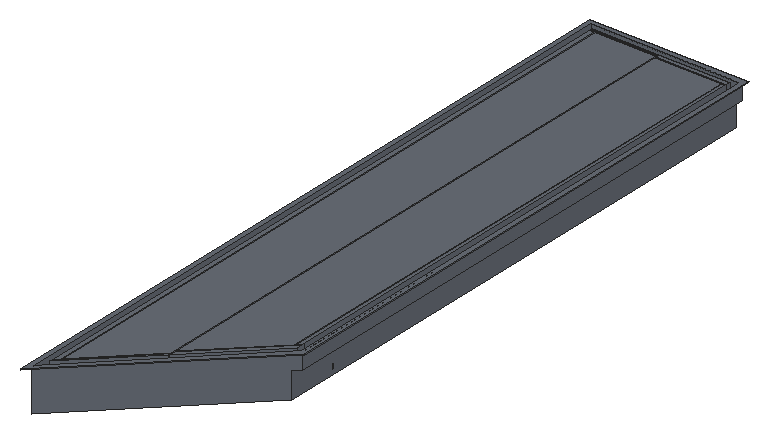
Revit family
Parameters (values of type "PL07 07 7/0")
  Width Inner Side Support = Actual Width 1 - 11 mm  # 181 mm
  Width Inner Side = Actual Width 1 - Frame Offset  # 168 mm
  Width Inner Main = Actual Width - Frame Offset + 37 mm  # 192 mm
  Width = 179 mm
  Width Side = 192 mm
  URL = "http://www.meinertz.com/pictures_org/prodk.pdf"
  Total Width = Actual Width + Actual Width 1  # 371 mm
  Total Length = Length + Total Width  # 1671 mm
  Thermal Performance = Thermal Performance Constant * Total Length / 1000 mm  # 479.577
  Tapping Radius = 9.5 mm / 2  # 4.75 mm
  Thermal Performance Index = 7
  Side Grill Length = Actual Length - (2 * Frame Offset) - 22 mm  # 1230 mm
  Assembly Code = ""
  Actual Width 1 = (Count Grill Side * 24 mm) + Frame Offset  # 192 mm
  Actual Width = (Count Grill Main - 1) * 24 mm + Frame Offset + 11 mm  # 179 mm
  Actual Length = if(Length < 4 * Frame Offset, 4 * Frame Offset, if(Length > 6000 mm, 6000 mm, Length))  # 1300 mm
  Model = "PL07 07 7/0"
  Manufacturer = "Meinertz"  # constant formula
  Main Hatch Width = Actual Width - 24 mm  # 155 mm
  Length = 1300 mm
  Keynote = "PL07 07 7/0"
  Grill = RAL 7025 F
  GoGetNo = 7019  # constant formula
  Frame Offset = 24 mm  # constant formula
  Frame = RAL 7024
  Depth = -100 mm
  Count Side Support = (Actual Length - (2 * Frame Offset) - 200 mm) / 600 mm + 1.49  # 3
  Count Grill Side = ((Width Side - Frame Offset) / 24 mm)  # 7
  Count Grill Main = (Width - Frame Offset - 11 mm) / 24 mm + 1  # 7
  Count Convec Support = (Actual Length - (2 * Frame Offset) - 300 mm) / 2500 mm + 1.49  # 2
  Convection Grill Length = Actual Length - (2 * Frame Offset) - 11 mm  # 1241 mm
  Thermal Performance Constant = if(Thermal Performance Index = 3, 145, if(Thermal Performance Index = 4, 191, if(Thermal Performance Index = 5, 231, if(Thermal Performance Index = 6, 262, if(Thermal Performance Index = 7, 287, if(Thermal Performance Index = 8, 317, if(Thermal Performance Index = 9, 339, if(Thermal Performance Index = 10, 359, if(Thermal Performance Index = 11, 382, if(Thermal Performance Index = 12, 404, if(Thermal Performance Index = 13, 424, 444)))))))))))  # 287
Types (5, lengths in mm): name | Width Inner Side Support | Width Inner Side | Width Inner Main | Width | Width Side | URL | Total Width | Total Length | Thermal Performance | Thermal Performance Index | Side Grill Length | Actual Width 1 | Actual Width | Actual Length | Model | Main Hatch Width | Length | Keynote | Count Side Support | Count Grill Side | Count Grill Main | Convection Grill Length | Thermal Performance Constant
  PL07 03 5/0 | 133 | 120 | 96 | 83 | 144 | "http://www.meinertz.com" | 227 | 827 | 119.915 | 3 | 530 | 144 | 83 | 600 | "PL07 03 5/0" | 59 | 600 | "PL07 03 5/0" | 2 | 5 | 3 | 541 | 145
  PL07 04 5/0 | 133 | 120 | 120 | 107 | 144 | "http://www.meinertz.com" | 251 | 1251 | 238.941 | 4 | 930 | 144 | 107 | 1000 | "PL07 04 5/0" | 83 | 1000 | "PL07 04 5/0" | 3 | 5 | 4 | 941 | 191
  PL07 05 5/0 | 133 | 120 | 144 | 131 | 144 | "http://www.meinertz.com" | 275 | 1275 | 294.525 | 5 | 930 | 144 | 131 | 1000 | "PL07 05 5/0" | 107 | 1000 | "PL07 05 5/0" | 3 | 5 | 5 | 941 | 231
  PL07 06 6/0 | 157 | 144 | 168 | 155 | 168 | "http://www.meinertz.com" | 323 | 1323 | 346.626 | 6 | 930 | 168 | 155 | 1000 | "PL07 06 6/0" | 131 | 1000 | "PL07 06 6/0" | 3 | 6 | 6 | 941 | 262
  PL07 07 7/0 | 181 | 168 | 192 | 179 | 192 | "http://www.meinertz.com/pictures_org/prodk.pdf" | 371 | 1671 | 479.577 | 7 | 1230 | 192 | 179 | 1300 | "PL07 07 7/0" | 155 | 1300 | "PL07 07 7/0" | 3 | 7 | 7 | 1241 | 287
Reference planes
  plane 1 "Center (Front/Back)": y = -102.69
  plane 2: z = 0
  plane 3 "Center (Left/Right)": x = 0
  plane 4: y = 547.31
  plane 5: y = -752.69
  plane 6: x = 89.5
  plane 7: x = -89.5
  plane 8: x = 281.5
  plane 9: y = 523.31
  plane 10: x = -65.5
  plane 11: x = 257.5
  plane 12: y = 512.31
  plane 13: x = 102.5
  plane 14: y = 517.81
  plane 15: y = 547.31
  plane 16: y = -723.19
  plane 17: y = -717.69
  plane 18: y = 423.31
  plane 19: y = 373.31
  plane 20: y = -728.69
  plane 21: y = -628.69
  plane 22: y = -578.69
  plane 23: z = -70
  plane 24: z = -72
  plane 25: y = 383.31
  plane 26: y = 363.31
  plane 27: y = -568.69
  plane 28: y = -588.69
  plane 29: z = -100
  plane 30: x = 102.5
  plane 31: y = 536.31
  plane 32: y = -741.69
  plane 33: z = -100
  plane 34: z = -98
  plane 35: x = 246.5
  plane 36: x = -54.5
  plane 37: x = 137.5
  plane 38: y = 431.31
  plane 39: y = 415.31
  plane 40: y = -620.69
  plane 41: y = -636.69
  plane 42: z = -20
  plane 43: z = -36
  plane 44: x = -54.5
  plane 45: x = 246.5
  plane 46: x = -78.5
  plane 47: y = -1123.69
  plane 48: y = -776.69
  plane 49: y = -1057.97
  plane 50: y = -902.97
  plane 51: y = -895.192
  plane 52: y = -1065.749
  plane 53: y = 106.851
  plane 54: y = -53.149
  plane 55: z = -55
  plane 56: y = 273.31
  plane 57: y = 173.31
  plane 58: y = -815.749
  plane 59: y = -715.749
  plane 60: y = -910.749
  plane 61: y = -660.749
  plane 62: y = -560.749
  plane 63: y = 273.31
  plane 64: y = 173.31
  plane 65: x = -35.5
  plane 66: x = 59.5
Forms (mm)
  Extrusion 1, void
    sketch origin (0, 0, 0) x (1, 0, 0) y (0, 1, 0)
      loop
        line (-89.5, 547.31) -> (-89.5, -1123.69) -> (281.5, -752.69) -> (281.5, 547.31) -> (-89.5, 547.31)
    from 0 to -100 <- "Depth"
  Extrusion 2, solid, material "RAL 7024" <- "Frame"
    sketch origin (0, -102.69, 0) x (1, 0, 0) y (0, 0, 1)
      loop
        line (281.5, 0) -> (270.5, 0) -> (270.5, -36) -> (256.5, -36) -> (256.5, -100) -> (258.5, -100) -> (258.5, -38) -> (272.5, -38) -> (272.5, -2) -> (281.5, -2) -> (281.5, 0)
    from -639 to 674
  Extrusion 3, solid, material "RAL 7024" <- "Frame"
    sketch origin (0, 0, 0) x (0, 1, 0) y (0, 0, 1)
      loop
        line (523.31, 0) -> (517.81, 0) -> (517.81, -20) -> (512.31, -20) -> (512.31, -70) -> (523.31, -70) -> (523.31, 0)
    from -65.5 to 89.5
  Sweep 4, solid, material "RAL 7024" <- "Frame"
    path origin (0, 0, 0) x (1, 0, 0) y (0, 1, 0)
      loop
        line (281.5, 547.31) -> (-89.5, 547.31) -> (-89.5, -1123.69) -> (281.5, -752.69)
    profile origin (96, 547.31, 0) x (0, -1, 0) y (0, 0, 1)
      loop
        line (0, 0) -> (0, -2) -> (9, -2) -> (9, -100) -> (11, -100) -> (11, 0) -> (0, 0)
  Extrusion 5, void
    sketch origin (281.5, 536.31, 0) x (1, 0, 0) y (0, 0, -1)
      loop
        line (-9, 2) -> (0, 2) -> (0, 100) -> (-23, 100) -> (-23, 38) -> (-9, 38) -> (-9, 2)
    from -1289 to 11
  Extrusion 6, solid, material "RAL 7024" <- "Frame"
    sketch origin (0, 0, 0) x (1, 0, 0) y (0, 1, 0)
      loop
        line (-78.5, 536.31) -> (-78.5, -1097.133) -> (256.5, -762.133) -> (256.5, 536.31) -> (-78.5, 536.31)
    from -100 to -98
  Extrusion 7, solid, material "RAL 7024" <- "Frame"
    sketch origin (0, 0, 0) x (1, 0, 0) y (0, 1, 0)
      loop
        line (246.5, 512.31) -> (246.5, -738.192) -> (257.5, -727.192) -> (257.5, 512.31) -> (246.5, 512.31)
    from 0 to -20
  Extrusion 8, solid, material "RAL 7024" <- "Frame"
    sketch origin (0, 0, 0) x (1, 0, 0) y (0, 1, 0)
      loop
        line (-65.5, 517.81) -> (-65.5, -1057.97) -> (-54.5, -1046.97) -> (-54.5, 517.81) -> (-65.5, 517.81)
    from 0 to -70
  Extrusion 9, solid, material "RAL 7025 F" <- "Grill"
    sketch origin (0, 0, 0) x (1, 0, 0) y (0, 1, 0)
      loop
        line (-54.5, 517.81) -> (-54.5, -1046.97) -> (89.5, -902.97) -> (89.5, 517.81) -> (-54.5, 517.81)
    from 0 to -70
  Extrusion 10, solid, material "RAL 7025 F" <- "Grill"
    sketch origin (0, 0, 0) x (1, 0, 0) y (0, 1, 0)
      loop
        line (89.5, 512.31) -> (89.5, -895.192) -> (246.5, -738.192) -> (246.5, 512.31) -> (89.5, 512.31)
    from 0 to -20
  Extrusion 11, solid, material "RAL 7024" <- "Frame"
    sketch origin (0, 0, 0) x (1, 0, 0) y (0, 1, 0)
      loop
        line (89.5, 523.31) -> (89.5, 512.31) -> (257.5, 512.31) -> (257.5, 523.31) -> (89.5, 523.31)
    from 0 to -20
  Extrusion 12, void
    sketch origin (0, 0, 0) x (1, 0, 0) y (0, 1, 0)
      loop
        line (281.5, -752.69) -> (257.5, -776.69) -> (281.5, -776.69) -> (281.5, -752.69)
    from 0 to -100
  Extrusion 13, solid, material "RAL 7024" <- "Frame"
    sketch origin (0, 0, 0) x (1, 0, 0) y (0, 1, 0)
      loop
        line (-65.5, -1057.97) -> (-65.5, -1065.749) -> (89.5, -910.749) -> (89.5, -902.97) -> (-65.5, -1057.97)
    from 0 to -70
  Extrusion 14, solid, material "RAL 7024" <- "Frame"
    sketch origin (0, 0, 0) x (1, 0, 0) y (0, 1, 0)
      loop
        line (89.5, -895.192) -> (89.5, -910.749) -> (257.5, -742.749) -> (257.5, -727.192) -> (89.5, -895.192)
    from 0 to -20
  Sweep 15, void
    path in 3D
      loop
        line (281.5, 547.31, 0) -> (281.5, -752.69, 0) -> (-89.5, -1123.69, 0)
    profile origin (96, -938.19, 0) x (0.707107, -0.707107, 0) y (0, 0, 1)
      loop
        line (0, -2) -> (-9, -2) -> (-9, -100) -> (0, -100) -> (0, -2)
  Extrusion 16, void
    sketch origin (0, 0, 0) x (1, 0, 0) y (0, 1, 0)
      loop
        line (281.5, -717.69) -> (258.5, -717.69) -> (258.5, -776.69) -> (281.5, -776.69) -> (281.5, -717.69)
    from -100 to -38
  Extrusion 17, solid, material "Tap"
    sketch origin (-65.5, -1057.97, 0) x (0, 1, 0) y (0, 0, -1)
      loop
        circle (1331.281, 55) r 4.8
      loop
        circle (1231.281, 55) r 4.8
      loop
        circle (342.222, 55) r 4.8
      loop
        circle (242.222, 55) r 4.8
    from 0 to 5
  Extrusion 18, solid, material "Tap"
    sketch origin (89.5, 517.81, 0) x (0, -1, 0) y (0, 0, -1)
      loop
        circle (1078.559, 55) r 4.8
      loop
        circle (1178.559, 55) r 4.8
      loop
        circle (344.5, 55) r 4.8
      loop
        circle (244.5, 55) r 4.8
    from 0 to 5
  Extrusion 19, solid, material "Tap"
    sketch origin (0, 523.31, -70) x (0, 0, 1) y (1, 0, 0)
      loop
        circle (15, -35.5) r 4.8
    from 0 to 5
  Extrusion 20, solid, material "Tap"
    sketch origin (0, 523.31, -70) x (0, 0, 1) y (1, 0, 0)
      loop
        circle (15, 59.5) r 4.8
    from 0 to 5
  Extrusion 21, solid, material "Tap"
    sketch origin (-65.5, -1065.749, 0) x (0.707107, 0.707107, 0) y (0, 0, 1)
      loop
        circle (42.193, -55) r 4.8
    from 0 to 5
  Extrusion 22, solid, material "Tap"
    sketch origin (-65.5, -1065.749, 0) x (0.707107, 0.707107, 0) y (0, 0, 1)
      loop
        circle (176.727, -55) r 4.8
    from 0 to 5
Cuts and joins
  Extrusion 5, Extrusion 12, Sweep 15, Extrusion 16 cuts Extrusion 2
  Extrusion 5, Extrusion 12, Sweep 15, Extrusion 16 cuts Sweep 4
  Extrusion 12, Sweep 15, Extrusion 16 cuts Extrusion 6
  joined: Extrusion 2, Sweep 4, Extrusion 6
  Extrusion 12, Sweep 15, Extrusion 16 cuts Extrusion 7
  Sweep 15 cuts Extrusion 3
  Sweep 15 cuts Extrusion 8
  Sweep 15 cuts Extrusion 9
  Sweep 15 cuts Extrusion 10
  Sweep 15 cuts Extrusion 11
  Sweep 15 cuts Extrusion 13
  Sweep 15, Extrusion 16 cuts Extrusion 14
Lines and regions (mm)
  Masking region 1
    outline origin (0, 0, 0) x (1, 0, 0) y (0, 1, 0)
      loop
        line (-65.5, 517.81) -> (-65.5, -1057.97) -> (89.5, -902.97) -> (89.5, 517.81) -> (-65.5, 517.81)
  Masking region 2
    outline origin (0, 0, 0) x (1, 0, 0) y (0, 1, 0)
      loop
        line (89.5, 512.31) -> (89.5, -895.192) -> (257.5, -727.192) -> (257.5, 512.31) -> (89.5, 512.31)
  reference lines
    curve 1: line (281.5, -752.69, 0) -> (-89.5, -1123.69, 0)
    curve 2: line (264.529, -735.719, 0) -> (-106.471, -1106.719, 0)
    curve 3: line (260.64, -731.83, 0) -> (-110.36, -1102.83, 0)
    curve 4: line (256.751, -727.941, 0) -> (-114.249, -1098.941, 0)
  sketch lines
    curve 5: line (281.5, -752.69, 0) -> (-89.5, -1123.69, 0)
    curve 6: line (281.5, 547.31, 0) -> (281.5, -752.69, 0)
Dimensions and locks
  "Actual Width": plane 7 to plane 6
  "Length": plane 4 to plane 5
  equal spacing: plane 4, plane 1 "Center (Front/Back)", plane 5
  equal spacing: plane 7, plane 3 "Center (Left/Right)", plane 6
  "Actual Width 1": plane 6 to plane 8
  locked: plane 6 to plane 13 at 13
  "Frame Offset": plane 7 to plane 10
  "Frame Offset": plane 11 to plane 8
  locked: plane 9 to plane 14 at 5.5
  "Frame Offset": plane 15 to plane 9
  locked: plane 14 to plane 12 at 5.5
  locked: plane 9 to plane 18 at 100
  locked: plane 18 to plane 19 at 50
  "Frame Offset": plane 20 to plane 5
  plane 22 to plane 21 to plane 20 = 50 mm locked, 100 mm locked
  plane 2 to plane 23 to plane 24 = 70 mm locked, 2 mm locked
  plane 25 to plane 19 to plane 26 = 10 mm locked, 10 mm locked
  plane 27 to plane 22 to plane 28 = 10 mm locked, 10 mm locked
  locked: plane 17 to plane 20 at 11
  locked: plane 16 to plane 20 at 5.5
  level to plane 29 = 100 mm
  profile plane to Sweep 4 sketch curve to Sweep 4 sketch curve = 9 mm locked, 2 mm locked
  plane 8 to Extrusion 5 sketch curve to Extrusion 5 sketch curve = 9 mm locked, 14 mm locked
  plane 2 to Extrusion 5 sketch curve to Extrusion 5 sketch curve = 2 mm locked, 98 mm locked
  Extrusion 2 sketch curve to Extrusion 2 sketch curve to Extrusion 2 sketch curve to Extrusion 2 sketch curve to Extrusion 2 sketch curve = 2 mm locked, 34 mm locked, 2 mm locked, 62 mm locked
  Extrusion 2 sketch curve to Extrusion 2 sketch curve to Extrusion 2 sketch curve to Extrusion 2 sketch curve to Extrusion 2 sketch curve = 2 mm locked, 12 mm locked, 2 mm locked, 9 mm locked
  locked: plane 6 to plane 30 at 13
  locked: plane 4 to plane 31 at 11
  locked: plane 32 to plane 5 at 11
  locked: plane 2 to plane 33 at 100
  locked: plane 34 to plane 33 at 2
  locked: plane 10 to plane 36 at 11
  locked: plane 35 to plane 11 at 11
  locked: plane 6 to plane 37 at 48
  plane 40 to plane 21 to plane 41 = 8 mm locked, 8 mm locked
  plane 38 to plane 18 to plane 39 = 8 mm locked, 8 mm locked
  locked: plane 2 to plane 42 at 20
  locked: plane 43 to plane 42 at 16
  locked: plane 10 to plane 44 at 11
  locked: plane 45 to plane 11 at 11
  equal spacing: group 1, group 5, group 2  (x2)
  equal spacing: group 2, group 5, group 1
  group 4 to group 3 = 0 mm
  group 4 to group 3 = 1091 mm
  group 3 to group 4 = 0 mm
  locked: plane 7 to plane 46 at 11
  "Total Width": plane 5 to plane 47
  curve 4 to curve 3 to curve 2 to curve 1 = 5.5 mm locked, 5.5 mm locked, 24 mm locked
  locked: plane 5 to plane 48 at 24
  locked: plane 49 to plane 47 at 65.719
  locked: plane 51 to plane 50 at 7.778
  "Main Hatch Width": plane 50 to plane 49
  locked: plane 49 to plane 52 at 7.778
  locked: plane 33 to plane 55 at 45
  plane 9 to plane 56 to plane 57 = 250 mm locked, 100 mm locked
  plane 59 to plane 58 to plane 52 = 100 mm locked, 250 mm locked
  locked: plane 60 to plane 50 at 7.778
  plane 60 to plane 61 to plane 62 = 250 mm locked, 100 mm locked
  plane 64 to plane 63 to plane 9 = 100 mm locked, 250 mm locked
  locked: plane 6 to plane 66 at 30
  locked: plane 65 to plane 10 at 30
  locked: plane 65 to Extrusion 21 sketch curve at 0.165
  locked: plane 66 to Extrusion 22 sketch curve at 0.035
  aligned and locked: plane 15 to plane 4
  aligned and locked: Extrusion 3 to plane 10
  aligned and locked: plane 23 to Extrusion 3 sketch curve
  aligned and locked: plane 8 to Extrusion 5 sketch curve
  aligned and locked: plane 2 to Extrusion 2 sketch curve
  aligned and locked: Extrusion 2 sketch curve to plane 8
  aligned and locked: plane 6 to Extrusion 3
  aligned and locked: plane 4 to Sweep 4 sketch curve
  aligned and locked: plane 8 to Sweep 4 sketch curve  (x2)
  aligned and locked: plane 4 to Extrusion 5
  aligned and locked: Extrusion 5 to plane 5
  aligned and locked: plane 31 to cut or joined group of Extrusion 2, Sweep 4, Extrusion 5, Extrusion 6, Extrusion 12, Sweep 15, Extrusion 16
  aligned and locked: cut or joined group of Extrusion 2, Sweep 4, Extrusion 5, Extrusion 6, Extrusion 12, Sweep 15, Extrusion 16 to Extrusion 6 sketch curve
  aligned and locked: Extrusion 6 sketch curve to cut or joined group of Extrusion 2, Sweep 4, Extrusion 5, Extrusion 6, Extrusion 12, Sweep 15, Extrusion 16  (x3)
  aligned and locked: cut or joined group of Extrusion 2, Sweep 4, Extrusion 5, Extrusion 6, Extrusion 12, Sweep 15, Extrusion 16 to Extrusion 6
  aligned and locked: Extrusion 6 to plane 34
  aligned and locked: plane 35 to Extrusion 7 sketch curve
  aligned and locked: Extrusion 7 sketch curve to plane 12
  aligned and locked: Extrusion 8 sketch curve to Extrusion 3  (x2)
  aligned and locked: Extrusion 8 sketch curve to plane 36
  aligned and locked: Extrusion 8 to Extrusion 9 sketch curve
  aligned and locked: Extrusion 9 sketch curve to Extrusion 8
  aligned and locked: Extrusion 9 sketch curve to Extrusion 3
  aligned and locked: Extrusion 10 sketch curve to Extrusion 7
  aligned and locked: Extrusion 3 to Extrusion 11 sketch curve  (x2)
  aligned and locked: Extrusion 11 sketch curve to Extrusion 7  (x2)
  aligned and locked: plane 19 to nested 2
  aligned and locked: plane 43 to nested 1
  aligned and locked: plane 24 to nested 2
  aligned and locked: plane 21 to nested 3
  aligned and locked: plane 18 to nested 1
  aligned and locked: Sweep 4 sketch curve to curve 1
  aligned and locked: Extrusion 1 sketch curve to curve 1
  aligned and locked: curve 4 to Extrusion 10 sketch curve
  aligned and locked: curve 3 to Extrusion 9 sketch curve
  aligned and locked: Extrusion 2 to plane 48
  aligned and locked: Extrusion 12 sketch curve to plane 48
  aligned and locked: plane 8 to Extrusion 12 sketch curve
  aligned and locked: Extrusion 13 sketch curve to curve 2
  aligned and locked: curve 3 to Extrusion 13 sketch curve
  aligned and locked: plane 6 to Extrusion 13 sketch curve
  aligned and locked: plane 6 to Extrusion 14 sketch curve
  aligned and locked: Extrusion 14 sketch curve to curve 4
  aligned and locked: Extrusion 14 sketch curve to curve 2
  aligned and locked: curve 3 to Extrusion 8 sketch curve
  aligned and locked: Extrusion 7 sketch curve to curve 4
  aligned and locked: Extrusion 14 sketch curve to plane 11
  aligned and locked: Extrusion 13 sketch curve to plane 10
  aligned and locked: plane 10 to nested 5
  aligned and locked: plane 51 to nested 6
  aligned and locked: plane 6 to nested 6
  aligned and locked: plane 12 to nested 6
  aligned and locked: Masking region 1 sketch curve to plane 14
  aligned and locked: plane 10 to Masking region 1 sketch curve
  aligned and locked: Masking region 2 sketch curve to plane 11
  aligned and locked: Masking region 2 sketch curve to plane 12
  aligned and locked: plane 6 to Masking region 2 sketch curve
  aligned and locked: curve 3 to Masking region 1 sketch curve
  aligned and locked: Masking region 2 sketch curve to curve 4
  aligned and locked: Extrusion 11 to plane 12
  aligned and locked: plane 11 to nested 6
  aligned and locked: plane 14 to nested 5
  aligned and locked: plane 49 to nested 5
  aligned and locked: plane 17 to nested 4
  aligned and locked: nested 1 to plane 6
  aligned and locked: nested 3 to plane 6
  aligned and locked: nested 2 to plane 10
  aligned and locked: nested 4 to plane 10
  aligned and locked: Sweep 15 sketch curve to cut or joined group of Extrusion 2, Sweep 4, Extrusion 5, Extrusion 6, Extrusion 12, Sweep 15, Extrusion 16  (x2)
  aligned and locked: cut or joined group of Extrusion 2, Sweep 4, Extrusion 5, Extrusion 6, Extrusion 12, Sweep 15, Extrusion 16 to Sweep 15 sketch curve
  aligned and locked: plane 8 to Extrusion 16 sketch curve
  aligned and locked: plane 17 to Extrusion 16 sketch curve
  aligned and locked: Extrusion 16 to Extrusion 2
  aligned and locked: Extrusion 16 sketch curve to cut or joined group of Extrusion 2, Sweep 4, Extrusion 5, Extrusion 6, Extrusion 12, Sweep 15, Extrusion 16
Automatic sketch dimensions
  Extrusion 1 sketch curve to plane 7 = 0 mm
  Extrusion 1 sketch curve to plane 8 = 0 mm
  Extrusion 1 sketch curve to plane 4 = 0 mm
  Extrusion 3 sketch curve to level = 0 mm
  Extrusion 3 sketch curve to level = 20 mm
  Sweep 4 sketch curve to profile plane = 0 mm
  Sweep 4 sketch curve to level = 0 mm
  Sweep 4 sketch curve to level = 2 mm
  Sweep 4 sketch curve to Sweep 4 sketch curve = 98 mm
  Extrusion 5 sketch curve to Extrusion 5 sketch curve = 36 mm
  Sweep 4 sketch curve to plane 7 = 0 mm
  Extrusion 3 sketch curve to plane 14 = 0 mm
  Extrusion 3 sketch curve to plane 12 = 0 mm
  Extrusion 3 sketch curve to plane 9 = 0 mm
  Extrusion 7 sketch curve to plane 11 = 0 mm
  Extrusion 10 sketch curve to plane 6 = 0 mm
  Extrusion 10 sketch curve to plane 12 = 0 mm
  curve 1 to plane 7 = 0 mm
  curve 1 to plane 5 = 0 mm
  curve 1 to plane 8 = 0 mm
  curve 1 to plane 47 = 0 mm
  curve 2 to plane 7 = 16.971 mm
  curve 2 to plane 47 = 16.971 mm
  plane 32 to curve 2 = 5.971 mm
  plane 11 to curve 3 = 3.14 mm
  curve 2 to curve 3 = 3.889 mm
  curve 4 to curve 3 = 3.889 mm
  plane 20 to curve 4 = 0.749 mm
  Extrusion 6 sketch curve to plane 47 = 26.556 mm
  Extrusion 12 sketch curve to plane 11 = 0 mm
  Extrusion 12 sketch curve to plane 5 = 0 mm
  plane 5 to Extrusion 14 sketch curve = 9.941 mm
  Masking region 2 sketch curve to plane 51 = 0 mm
  Masking region 1 sketch curve to plane 6 = 0 mm
  Sweep 15 sketch curve to profile plane = 0 mm
  Extrusion 16 sketch curve to plane 48 = 0 mm
  Extrusion 8 to Extrusion 17 sketch curve = 15 mm  (x4)
  Extrusion 17 sketch curve to Extrusion 8 = 242.222 mm
  Extrusion 17 sketch curve to Extrusion 17 sketch curve = 100 mm  (x2)
  Extrusion 8 to Extrusion 17 sketch curve = 344.5 mm
  Extrusion 9 to Extrusion 18 sketch curve = 15 mm  (x4)
  Extrusion 9 to Extrusion 18 sketch curve = 244.5 mm
  Extrusion 18 sketch curve to Extrusion 18 sketch curve = 100 mm  (x2)
  Extrusion 9 to Extrusion 18 sketch curve = 342.222 mm
  Extrusion 3 to Extrusion 19 sketch curve = 15 mm
  Extrusion 3 to Extrusion 19 sketch curve = 30 mm
  Extrusion 3 to Extrusion 20 sketch curve = 15 mm
  Extrusion 3 to Extrusion 20 sketch curve = 30 mm
  Extrusion 13 to Extrusion 21 sketch curve = 15 mm
  Extrusion 21 sketch curve to Extrusion 13 = 42.193 mm
  Extrusion 13 to Extrusion 22 sketch curve = 15 mm
  Extrusion 22 sketch curve to Extrusion 13 = 42.476 mm
  radius of Extrusion 17 sketch curve = 4.8 mm  (x4)
  radius of Extrusion 18 sketch curve = 4.8 mm  (x4)
  radius of Extrusion 19 sketch curve = 4.8 mm
  radius of Extrusion 20 sketch curve = 4.8 mm
  radius of Extrusion 21 sketch curve = 4.8 mm
  radius of Extrusion 22 sketch curve = 4.8 mm
Nested families
  nested 1: "Support" at (159.579, 429.78, -36) x (0, 1, 0) z (0, 0, 1), type "Side Support"
  nested 2: "Support" at (16.579, 379.78, -72) x (0, 1, 0) z (0, 0, 1), type "Convec Support"
  nested 3: "Support" at (159.579, -622.22, -36) x (0, 1, 0) z (0, 0, 1), type "Side Support"
  nested 4: "Support" at (16.579, -711.22, -72) x (0, 1, 0) z (0, 0, 1), type "Convec Support"
  nested 5: "Grill 45" at (-135.201, -902.97, 0), type "Main"
    with Start 11 mm, Second 13 mm, Length 1575.781 mm, Big no, Width 155 mm
  nested 6: "Grill 45" at (26.299, -727.192, 0), type "Side"
    with Start 13 mm, Second 11 mm, Length 1407.503 mm, Big yes, Width 168 mm
  nested 7: "Support" at (159.579, -96.22, -36) x (0, 1, 0) z (0, 0, 1), type "Side Support"
Connectors
  piping at (-32.129, -1039.449, -55), driven by "Tapping Radius"
    settings: on Extrusion 21, index 1, connector radius 4.75 mm, flow factor 0, pipe flow 0.0 L/s, pressure drop 0.0 Pa, fitting loss kfactor 0, connector angle 0.00°, fixture units 0, flow configuration 1, flow direction 1, fitting loss method 0, system type 22, connector reference index -1, connector utility 0, adjustable connector no, is connector primary yes, fitting loss table "", connector description "F"
  piping at (63, -944.319, -55), driven by "Tapping Radius"
    settings: on Extrusion 22, index 2, connector radius 4.75 mm, flow factor 0, pipe flow 0.0 L/s, pressure drop 0.0 Pa, fitting loss kfactor 0, connector angle 0.00°, fixture units 0, flow configuration 1, flow direction 2, fitting loss method 0, system type 22, connector reference index -1, connector utility 0, adjustable connector no, is connector primary no, fitting loss table "", connector description "F"
  piping at (-70.5, -815.749, -55), driven by "Tapping Radius"
    settings: on Extrusion 17, index 3, connector radius 4.75 mm, flow factor 0, pipe flow 0.0 L/s, pressure drop 0.0 Pa, fitting loss kfactor 0, connector angle 0.00°, fixture units 0, flow configuration 1, flow direction 2, fitting loss method 0, system type 22, connector reference index -1, connector utility 0, adjustable connector no, is connector primary no, fitting loss table "", connector description "D"
  piping at (-70.5, -715.749, -55), driven by "Tapping Radius"
    settings: on Extrusion 17, index 4, connector radius 4.75 mm, flow factor 0, pipe flow 0.0 L/s, pressure drop 0.0 Pa, fitting loss kfactor 0, connector angle 0.00°, fixture units 0, flow configuration 1, flow direction 1, fitting loss method 0, system type 22, connector reference index -1, connector utility 0, adjustable connector no, is connector primary no, fitting loss table "", connector description "D"
  piping at (-70.5, 173.31, -55), driven by "Tapping Radius"
    settings: on Extrusion 17, index 5, connector radius 4.75 mm, flow factor 0, pipe flow 0.0 L/s, pressure drop 0.0 Pa, fitting loss kfactor 0, connector angle 0.00°, fixture units 0, flow configuration 1, flow direction 2, fitting loss method 0, system type 22, connector reference index -1, connector utility 0, adjustable connector no, is connector primary no, fitting loss table "", connector description "A"
  piping at (-70.5, 273.31, -55), driven by "Tapping Radius"
    settings: on Extrusion 17, index 6, connector radius 4.75 mm, flow factor 0, pipe flow 0.0 L/s, pressure drop 0.0 Pa, fitting loss kfactor 0, connector angle 0.00°, fixture units 0, flow configuration 1, flow direction 1, fitting loss method 0, system type 22, connector reference index -1, connector utility 0, adjustable connector no, is connector primary no, fitting loss table "", connector description "A"
  piping at (-35.5, 528.31, -55), driven by "Tapping Radius"
    settings: on Extrusion 19, index 7, connector radius 4.75 mm, flow factor 0, pipe flow 0.0 L/s, pressure drop 0.0 Pa, fitting loss kfactor 0, connector angle 0.00°, fixture units 0, flow configuration 1, flow direction 2, fitting loss method 0, system type 22, connector reference index -1, connector utility 0, adjustable connector no, is connector primary no, fitting loss table "", connector description "E"
  piping at (59.5, 528.31, -55), driven by "Tapping Radius"
    settings: on Extrusion 20, index 8, connector radius 4.75 mm, flow factor 0, pipe flow 0.0 L/s, pressure drop 0.0 Pa, fitting loss kfactor 0, connector angle 0.00°, fixture units 0, flow configuration 1, flow direction 1, fitting loss method 0, system type 22, connector reference index -1, connector utility 0, adjustable connector no, is connector primary no, fitting loss table "", connector description "E"
  piping at (94.5, 273.31, -55), driven by "Tapping Radius"
    settings: on Extrusion 18, index 9, connector radius 4.75 mm, flow factor 0, pipe flow 0.0 L/s, pressure drop 0.0 Pa, fitting loss kfactor 0, connector angle 0.00°, fixture units 0, flow configuration 1, flow direction 2, fitting loss method 0, system type 22, connector reference index -1, connector utility 0, adjustable connector no, is connector primary no, fitting loss table "", connector description "B"
  piping at (94.5, 173.31, -55), driven by "Tapping Radius"
    settings: on Extrusion 18, index 10, connector radius 4.75 mm, flow factor 0, pipe flow 0.0 L/s, pressure drop 0.0 Pa, fitting loss kfactor 0, connector angle 0.00°, fixture units 0, flow configuration 1, flow direction 1, fitting loss method 0, system type 22, connector reference index -1, connector utility 0, adjustable connector no, is connector primary no, fitting loss table "", connector description "B"
  piping at (94.5, -560.749, -55), driven by "Tapping Radius"
    settings: on Extrusion 18, index 11, connector radius 4.75 mm, flow factor 0, pipe flow 0.0 L/s, pressure drop 0.0 Pa, fitting loss kfactor 0, connector angle 0.00°, fixture units 0, flow configuration 1, flow direction 2, fitting loss method 0, system type 22, connector reference index -1, connector utility 0, adjustable connector no, is connector primary no, fitting loss table "", connector description "C"
  piping at (94.5, -660.749, -55), driven by "Tapping Radius"
    settings: on Extrusion 18, index 12, connector radius 4.75 mm, flow factor 0, pipe flow 0.0 L/s, pressure drop 0.0 Pa, fitting loss kfactor 0, connector angle 0.00°, fixture units 0, flow configuration 1, flow direction 1, fitting loss method 0, system type 22, connector reference index -1, connector utility 0, adjustable connector no, is connector primary no, fitting loss table "", connector description "C"
Definition of nested family "Support"
  Parameters (values of type "Side Support")
    offset top = 17.5 mm
    Width = 16 mm
    Side 2 = yes
    Side 1 = no
    Length = 168 mm
    Height = 16 mm
    Frame = RAL 7024
    Footing rad = 6.5 mm
    Footing Height = 64 mm
    Assembly Code = ""
  Types (2, lengths in mm): name | Width | Side 1 | Length | Height | Footing Height
    Side Support | 16 | no | 168 | 16 | 64
    Convec Support | 20 | yes | 192 | 2 | 28
  Reference planes
    plane 1 "Center (Front/Back)": y = -13.921
    plane 2: z = 0
    plane 3 "Center (Left/Right)": x = -6.469
    plane 4: z = 16
    plane 5: x = 1.531
    plane 6: x = -14.469
    plane 7: y = 70.079
    plane 8: y = -97.921
    plane 9: y = 52.579
    plane 10: y = -80.421
    plane 11: z = -64
  Forms (mm)
    Extrusion 1, solid, material "RAL 7024" <- "Frame"
      sketch origin (0, -13.921, 0) x (1, 0, 0) y (0, 0, 1)
        loop
          line (-14.469, 16) -> (-14.469, 0) -> (1.531, 0) -> (1.531, 16) -> (-14.469, 16)
      from -84 to 84
    Extrusion 2, solid, material "RAL 7024" <- "Frame", visible <- "Side 1"
      sketch origin (0, 0, 0) x (1, 0, 0) y (0, 1, 0)
        loop
          circle (-6.469, 52.579) r 6.5
      from -64 to 0
    Extrusion 3, solid, material "RAL 7024" <- "Frame", visible <- "Side 2"
      sketch origin (0, 0, 0) x (1, 0, 0) y (0, 1, 0)
        loop
          circle (-6.469, -80.421) r 6.5
      from -64 to 0
  Dimensions and locks
    equal spacing: plane 6, plane 3 "Center (Left/Right)", plane 5
    equal spacing: plane 7, plane 1 "Center (Front/Back)", plane 8
    "Length": plane 7 to plane 8
    "Width": plane 6 to plane 5
    "Height": plane 4 to plane 2
    "offset top": plane 7 to plane 9
    "offset top": plane 10 to plane 8
    "Footing Height": plane 2 to plane 11
    "Footing rad": Extrusion 2 sketch curve to plane 3 "Center (Left/Right)"
    "Footing rad": plane 9 to Extrusion 2 sketch curve
    locked: plane 10 to Extrusion 3 sketch curve at 6.5
    locked: plane 3 "Center (Left/Right)" to Extrusion 3 sketch curve at 6.5
    "Footing rad": radius of Extrusion 2 sketch curve
    "Footing rad": radius of Extrusion 3 sketch curve
    aligned and locked: plane 6 to Extrusion 1 sketch curve
    aligned and locked: Extrusion 1 sketch curve to plane 4
    aligned and locked: level to Extrusion 1 sketch curve
    aligned and locked: Extrusion 1 sketch curve to plane 5
    aligned and locked: plane 7 to Extrusion 1
    aligned and locked: Extrusion 1 to plane 8
    aligned and locked: Extrusion 2 to plane 11
    aligned and locked: plane 2 to Extrusion 2
    aligned and locked: Extrusion 3 to plane 11
    aligned and locked: level to Extrusion 3
Definition of nested family "Grill 45"
  Parameters (values of type "Right")
    Width = 150 mm
    Start [instance] = if(Big, 13 mm, 11 mm)  # 11 mm
    Second [instance] = if(Big, 11 mm, 13 mm)  # 13 mm
    Length [instance] = 500 mm
    Big [instance] = no
    Assembly Code = ""
  Types (3, lengths in mm): name | Width
    Right | 150
    Main | 179
    Left | 72
  Reference planes
    plane 1 "Center (Front/Back)": y = 0
    plane 2: z = 0
    plane 3 "Center (Left/Right)": x = 147.201
    plane 4: x = 222.201
    plane 5: x = 72.201
    plane 6: y = -150
    plane 7: y = 350
  Lines and regions (mm)
    Filled region 1, type "Base", in view "Ref. Level"
      outline origin (0, 0, 0) x (1, 0, 0) y (0, 1, 0)
        loop
          line (72.201, 350) -> (72.201, -150) -> (222.201, 0) -> (222.201, 350) -> (72.201, 350)
    Filled region 2, type "Top", in view "Ref. Level"
      outline origin (98.995, 98.995, 0) x (1, 0, 0) y (0, 1, 0)
        loop
          line (-26.794, 251.005) -> (-26.794, -248.995) -> (123.206, -98.995) -> (123.206, 251.005) -> (-26.794, 251.005)
  Dimensions and locks
    equal spacing: plane 5, plane 3 "Center (Left/Right)", plane 4
    "Width": plane 6 to plane 1 "Center (Front/Back)"
    "Width": plane 5 to plane 4
    "Length": plane 7 to plane 6
    "Start": plane 5 to Filled region 2
    "Second": Filled region 2 to Filled region 1
    aligned and locked: Filled region 1 to Filled region 2
    aligned and locked: Filled region 2 to plane 5
    aligned and locked: plane 7 to Filled region 2
    aligned and locked: plane 4 to Filled region 2
    aligned and locked: plane 5 to Filled region 1
  Automatic sketch dimensions
    Filled region 1 sketch curve to plane 5 = 0 mm
    Filled region 1 sketch curve to plane 1 "Center (Front/Back)" = 0 mm
    Filled region 1 sketch curve to plane 4 = 0 mm
    Filled region 1 sketch curve to plane 6 = 0 mm
    Filled region 1 sketch curve to plane 7 = 0 mm
    plane 5 to Filled region 2 sketch curve = 0 mm
    plane 4 to Filled region 2 sketch curve = 0 mm
    plane 6 to Filled region 2 sketch curve = 0 mm
    Filled region 2 sketch curve to plane 1 "Center (Front/Back)" = 0 mm
    plane 7 to Filled region 2 sketch curve = 0 mm
